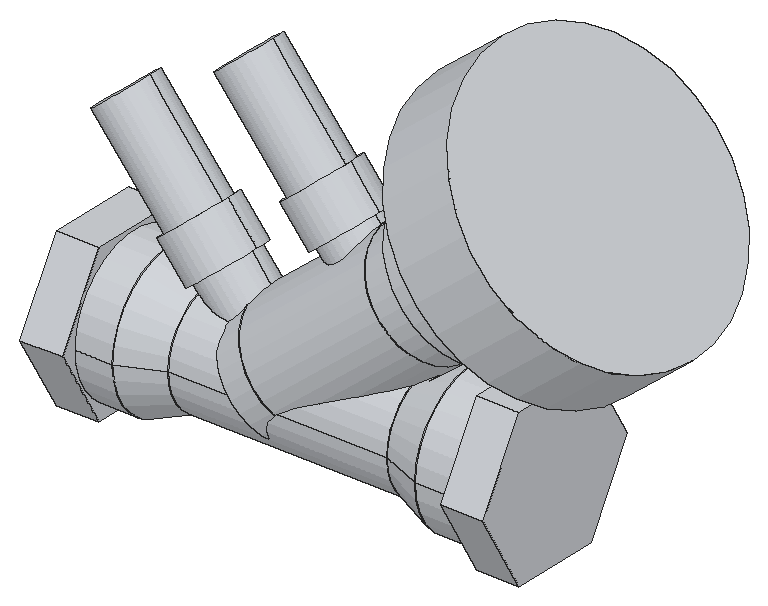
Revit family "D9505-DN25-RFA_2019", category Pipe Accessories, Revit 2019
Family settings
  Round Connector Dimension = Use Diameter
  Part Type = Valve - Breaks Into
  Work Plane-Based = No
  Always vertical = Yes
  Cut with Voids When Loaded = No
  Shared = No
Parameters (values of type "D9505 DN25")
  magiProductId = "a5bafb2d780d49b5957b650150642c"
  magiProductFamilyId = "283409d322044e8dba8a30d68fed8b"
  magiPartTypeId = 304
  isMeasuringValve [instance] = no
  ang2D [instance] = 0.00°
  W2D = 10 mm
  VersionID = "2.0/2017.10.31.1/VIR_9505_001"
  Use Minimum Symbol Size [instance] = yes
  URL = "http://www.hydronic.cz"
  Type Comments = "závitový; PN25 (-10~+100°C) nebo PN20 (-10~+130°C)"
  RN2 = 18.15 mm
  RN = 21.45 mm
  R7 = 9 mm
  R6 = 7.5 mm
  R5 = 20 mm
  R4 = 15.125 mm
  R3 = 15.125 mm
  R2 = 17.875 mm
  R1 = 13.75 mm
  QmdConnectorList = "301;D;302;D"
  Productdata [instance] = ""
  NUT1 = no
  Manufacturer = "Hydronic Systems Prague s.r.o."
  MC Product Code = "9505 025 (DN25; PN25 kvs6,4)"
  MC Piping Given Pressure Drop [instance] = 0.0 Pa
  L_2 = 55 mm
  L7 = 36 mm
  L6 = 2 mm
  L4 = 14.3 mm
  L3 = 10 mm
  L2__ve = -L2  # -9 mm
  L2D_Min = 3048 mm
  L2D = 77 mm
  L2 = 9 mm
  L1__ve = -L1  # -10 mm
  L1 = 10 mm
  HWR = 35 mm
  H8 = 27 mm
  H7 = 10.8 mm
  H6 = 22.125 mm
  H5 = 17.125 mm
  H4 = 20 mm
  H3 = 12.304 mm
  H2 = 39 mm
  H1 = 7 mm
  Description = "Ruční vyvažovací ventil závitový; bronzový; DN25; kvs6,4"
  D = 25 mm
  CenSd_RN_6 = RN * cos(30.00°)  # 18.576 mm
  CenSd_RN2_6 = RN2 * cos(30.00°)  # 15.718 mm
  CAT0 = yes
Types (7, lengths in mm): name | magiProductId | RN2 | RN | R4 | R3 | R2 | R1 | MC Product Code | L_2 | L4 | L2__ve | L2 | L1__ve | L1 | H8 | H7 | H6 | H5 | H3 | H2 | H1 | Description | D | CenSd_RN_6 | CenSd_RN2_6
  D9505 DN10 | "f06221e9bc9341508f66871c80ccb9" | 13.2 | 15.6 | 11 | 11 | 13 | 10 | "9505 010 (DN10; PN25 kvs0,97)" | 38.5 | 10.01 | -8 | 8 | -7 | 7 | 27.3 | 10.92 | 18 | 13 | 13.859 | 42 | 4 | "Ruční vyvažovací ventil závitový; bronzový; DN10; kvs0,97" | 10 | 13.51 | 11.432
  D9505 DN15 | "7168eb0cb4024df38c6d32127ca87d" | 14.85 | 17.55 | 12.375 | 12.375 | 14.625 | 11.25 | "9505 015 (DN15; PN25 kvs2,67)" | 45 | 11.7 | -8 | 8 | -8 | 8 | 27 | 10.8 | 19.375 | 14.375 | 12.304 | 41 | 5 | "Ruční vyvažovací ventil závitový; bronzový; DN15; kvs2,67" | 15 | 15.199 | 12.86
  D9505 DN20 | "82f2a7b1fa884f8cafe37fee21fa09" | 16.5 | 19.5 | 13.75 | 13.75 | 16.25 | 12.5 | "9505 020 (DN20; PN25 kvs4,1)" | 51 | 13.26 | -8 | 8 | -9 | 9 | 27 | 10.8 | 20.75 | 15.75 | 12.304 | 40 | 6 | "Ruční vyvažovací ventil závitový; bronzový; DN20; kvs4,1" | 20 | 16.887 | 14.289
  D9505 DN25 | "a5bafb2d780d49b5957b650150642c" | 18.15 | 21.45 | 15.125 | 15.125 | 17.875 | 13.75 | "9505 025 (DN25; PN25 kvs6,4)" | 55 | 14.3 | -9 | 9 | -10 | 10 | 27 | 10.8 | 22.125 | 17.125 | 12.304 | 39 | 7 | "Ruční vyvažovací ventil závitový; bronzový; DN25; kvs6,4" | 25 | 18.576 | 15.718
  D9505 DN32 | "a42dead6f7694bcf97a0a9ce0e311e" | 20.46 | 24.18 | 17 | 17.05 | 20.15 | 15.5 | "9505 032 (DN32; PN25 kvs12,0)" | 60.5 | 15.73 | -9.5 | 9.5 | -11.4 | 11.4 | 34.8 | 13.92 | 24.05 | 19.05 | 52.753 | 38 | 8 | "Ruční vyvažovací ventil závitový; bronzový; DN32; kvs12,0" | 32 | 20.94 | 17.719
  D9505 DN40 | "7d52969a8dcd46c581304e64bff261" | 23.1 | 27.3 | 17 | 19.25 | 22.75 | 17.5 | "9505 040 (DN40; PN25 kvs19,5)" | 71 | 18.46 | -10 | 10 | -13 | 13 | 34.8 | 13.92 | 26.25 | 21.25 | 52.753 | 36 | 10 | "Ruční vyvažovací ventil závitový; bronzový; DN40; kvs19,5" | 40 | 23.642 | 20.005
  D9505 DN50 | "2fc06cc644084f6992b3d357430981" | 26.4 | 31.2 | 17 | 22 | 26 | 20 | "9505 050 (DN50; PN25 kvs29,8)" | 80.5 | 20.93 | -11 | 11 | -15 | 15 | 34.8 | 13.92 | 29 | 24 | 52.753 | 34 | 12 | "Ruční vyvažovací ventil závitový; bronzový; DN50; kvs29,8" | 50 | 27.02 | 22.863
Reference planes
  plane 1 "Center (Front/Back)": y = 0
  plane 2 "XYPLANE": z = 0
  plane 3 "Center (Left/Right)": x = 0
  plane 4 "312": through (-486.738, 0, 579.033) normal (0.766, 0, 0.6428)
  plane 5 "176": through (-602.493, 0, -460.699) normal (-0.6428, 0, 0.766)
  plane 6 "173": through (-598.765, 0, -465.142) normal (-0.6428, 0, 0.766)
  plane 7 "163": x = -14.3
  plane 8 "158": x = 26
  plane 9 "157": x = 36
  plane 10 "154": x = -26
  plane 11 "83": through (-605.707, 0, -456.869) normal (-0.6428, 0, 0.766)
  plane 12 "76": through (-464.523, 0, 597.674) normal (0.766, 0, 0.6428)
  plane 13 "73": through (-595.551, 0, -468.972) normal (-0.6428, 0, 0.766)
  plane 14 "70": through (-584.543, 0, -482.091) normal (-0.6428, 0, 0.766)
  plane 15 "69": y = 0
  plane 16 "68": through (-490.569, 0, 575.819) normal (0.766, 0, 0.6428)
  plane 17 "60": through (-432.117, 0, 624.866) normal (0.766, 0, 0.6428)
  plane 18 "57": through (-447.437, 0, 612.01) normal (0.766, 0, 0.6428)
  plane 19 "54": through (-456.863, 0, 604.102) normal (0.766, 0, 0.6428)
  plane 20 "32": through (-492.101, 0, 574.533) normal (0.766, 0, 0.6428)
  plane 21 "31": y = 0
  plane 22 "30": through (564.523, 0, 482.091) normal (0.6428, 0, -0.766)
  plane 23 "21": x = -36
  plane 24 "20": x = 45
  plane 25 "19": x = -45
  plane 26 "13": x = 0
  plane 27 "11": x = 55
  plane 28 "10": x = -55
  plane 29 "9": y = 0
  plane 30 "8": z = 0
  plane 31 "65XY": through (-584.543, 0, -482.091) normal (-0.6428, 0, 0.766)
  plane 32 "65XZ": y = 0
  plane 33 "65YZ": through (-492.101, 0, 574.533) normal (0.766, 0, 0.6428)
  plane 34 "27XY": through (-492.101, 0, 574.533) normal (0.766, 0, 0.6428)
  plane 35 "27XZ": y = 0
  plane 36 "27YZ": through (564.523, 0, 482.091) normal (0.6428, 0, -0.766)
Forms (mm)
  Extrusion 1, solid, visible <- "CAT0"
    sketch origin (-492.101, 0, 574.533) x (0.642788, 0, -0.766044) y (0, 1, 0)
      loop
        circle (750, 0) r 15.125
    from 0 to 7 <- "H1"
  Extrusion 2, solid
    sketch origin (-602.493, 0, -460.699) x (0.766044, 0, 0.642788) y (0, 1, 0)
      loop
        circle (786, 0) r 7.5
    from 0 to 27 <- "H8"
  Extrusion 3, solid
    sketch origin (-595.551, 0, -468.972) x (0.766044, 0, 0.642788) y (0, 1, 0)
      loop
        circle (786, 0) r 9
    from 0 to 10.8 <- "H7"
  Extrusion 4, solid
    sketch origin (-456.863, 0, 604.102) x (0.642788, 0, -0.766044) y (0, 1, 0)
      loop
        circle (750, 0) r 15.125
    from 0 to 12.304 <- "H3"
  Extrusion 5, solid, visible <- "NUT1"
    sketch origin (-456.863, 0, 604.102) x (0.642788, 0, -0.766044) y (0, 1, 0)
      loop
        line (750, 18.15) -> (734.282, 9.075) -> (734.282, -9.075) -> (750, -18.15) -> (765.718, -9.075) -> (765.718, 9.075) -> (750, 18.15)
    from 0 to 10 <- "L1"
  Blend 6, solid, visible <- "CAT0"
    base sketch origin (-26, -750, 0) x (0, 1, 0) y (0, 0, 1)
      loop
        circle (750, 0) r 13.75
    top sketch origin (-26, -750, 0) x (0, 1, 0) y (0, 0, 1)
      loop
        circle (750, 0) r 13.75
    from 0 to 52
  Blend 7, solid
    base sketch origin (36, -750, 0) x (0, 1, 0) y (0, 0, 1)
      loop
        circle (750, 0) r 17.875
    top sketch origin (36, -750, 0) x (0, 1, 0) y (0, 0, 1)
      loop
        circle (750, 0) r 13.75
    from 0 to -10
  Blend 8, solid
    base sketch origin (-36, -750, 0) x (0, 1, 0) y (0, 0, 1)
      loop
        circle (750, 0) r 17.875
    top sketch origin (-36, -750, 0) x (0, 1, 0) y (0, 0, 1)
      loop
        circle (750, 0) r 13.75
    from 0 to 10
  Extrusion 9, solid
    sketch origin (-584.543, 0, -482.091) x (0.766044, 0, 0.642788) y (0, 1, 0)
      loop
        circle (752, 0) r 7.5
    from 0 to 22.125 <- "H6"
  Extrusion 10, solid
    sketch origin (-605.707, 0, -456.869) x (0.766044, 0, 0.642788) y (0, 1, 0)
      loop
        circle (752, 0) r 7.5
    from 0 to 27 <- "H8"
  Extrusion 11, solid
    sketch origin (-584.543, 0, -482.091) x (0.766044, 0, 0.642788) y (0, 1, 0)
      loop
        circle (786, 0) r 7.5
    from 0 to 17.125 <- "H5"
  Extrusion 12, solid
    sketch origin (-598.765, 0, -465.142) x (0.766044, 0, 0.642788) y (0, 1, 0)
      loop
        circle (752, 0) r 9
    from 0 to 10.8 <- "H7"
  Extrusion 13, solid, visible <- "CAT0"
    sketch origin (-432.117, 0, 624.866) x (0.642788, 0, -0.766044) y (0, 1, 0)
      loop
        circle (750, 0) r 35
    from 0 to 20 <- "H4"
  Extrusion 14, solid
    sketch origin (-447.437, 0, 612.01) x (0.642788, 0, -0.766044) y (0, 1, 0)
      loop
        circle (750, 0) r 20
    from 0 to 20 <- "H4"
  Extrusion 15, solid
    sketch origin (-486.738, 0, 579.033) x (0.642788, 0, -0.766044) y (0, 1, 0)
      loop
        circle (750, 0) r 15.125
    from 0 to 39 <- "H2"
  Extrusion 16, solid
    sketch origin (45, -750, 0) x (0, 1, 0) y (0, 0, 1)
      loop
        circle (750, 0) r 17.875
    from 0 to -9 <- "L2__ve"
  Extrusion 17, solid
    sketch origin (-45, -750, 0) x (0, 1, 0) y (0, 0, 1)
      loop
        circle (750, 0) r 17.875
    from 0 to 9 <- "L2"
  Extrusion 18, solid
    sketch origin (55, -750, 0) x (0, 1, 0) y (0, 0, 1)
      loop
        line (728.55, 0) -> (739.275, -18.576) -> (760.725, -18.576) -> (771.45, 0) -> (760.725, 18.576) -> (739.275, 18.576) -> (728.55, 0)
    from 0 to -10 <- "L1__ve"
  Extrusion 19, solid
    sketch origin (-55, -750, 0) x (0, 1, 0) y (0, 0, 1)
      loop
        line (771.45, 0) -> (760.725, 18.576) -> (739.275, 18.576) -> (728.55, 0) -> (739.275, -18.576) -> (760.725, -18.576) -> (771.45, 0)
    from 0 to 10 <- "L1"
  Extrusion 20, solid, not visible
    sketch origin (55, -750, 0) x (0, 1, 0) y (0, 0, 1)
      loop
        circle (750, 0) r 10
    from 0 to -10
  Extrusion 21, solid, not visible
    sketch origin (-55, -750, 0) x (0, 1, 0) y (0, 0, 1)
      loop
        circle (750, 0) r 10
    from 0 to 10
Lines and regions (mm)
  reference lines, not visible
    curve 1: circle (2, 2, 0) r 1 normal (0, 0, 1)
  reference lines
    curve 2: line (25.228, 0, 29.568) -> (28.902, -3.3, 25.19)
    curve 3: line (25.228, 0, 29.568) -> (25.228, -6.6, 29.568)
    curve 4: line (25.228, 0, 29.568) -> (21.554, -3.3, 33.947)
    curve 5: line (55, 0, 0) -> (55, 3.9, -6.755)
    curve 6: line (55, 0, 0) -> (55, 7.8, 0)
    curve 7: line (55, 0, 0) -> (55, 3.9, 6.755)
    curve 8: line (-55, 0, 0) -> (-55, -3.9, -6.755)
    curve 9: line (-55, 0, 0) -> (-55, -7.8, 0)
    curve 10: line (-55, 0, 0) -> (-55, -3.9, 6.755)
Dimensions and locks
  plane 1 "Center (Front/Back)" to curve 1 = 2 mm
  "H1": plane 20 "32" to plane 4 "312"
  "H7": plane 13 "73" to plane 5 "176"
  "H6": plane 14 "70" to plane 6 "173"
  "L4": plane 26 "13" to plane 7 "163"
  "L3": plane 9 "157" to plane 8 "158"
  "L2": plane 24 "20" to plane 9 "157"
  "L3": plane 23 "21" to plane 10 "154"
  "H7": plane 6 "173" to plane 11 "83"
  "L7": plane 33 "65YZ" to plane 12 "76"
  "H5": plane 14 "70" to plane 13 "73"
  locked: plane 31 "65XY" to plane 14 "70" at 0
  locked: plane 29 "9" to plane 15 "69"
  "L6": plane 33 "65YZ" to plane 16 "68"
  "H4": plane 18 "57" to plane 17 "60"
  "H3": plane 19 "54" to plane 18 "57"
  "H2": plane 4 "312" to plane 19 "54"
  locked: plane 34 "27XY" to plane 20 "32" at 0
  locked: plane 29 "9" to plane 21 "31"
  locked: plane 36 "27YZ" to plane 22 "30"
  "L2": plane 25 "19" to plane 23 "21"
  "L1": plane 27 "11" to plane 24 "20"
  "L1": plane 28 "10" to plane 25 "19"
  locked: plane 3 "Center (Left/Right)" to plane 26 "13"
  "L_2": plane 3 "Center (Left/Right)" to plane 27 "11"
  "L_2": plane 3 "Center (Left/Right)" to plane 28 "10"
  locked: plane 1 "Center (Front/Back)" to plane 29 "9"
  locked: plane 2 "XYPLANE" to plane 30 "8"
  "CenSd_RN2_6": curve 2 to Extrusion 5 sketch curve  (x2)
  "CenSd_RN2_6": curve 3 to Extrusion 5 sketch curve  (x2)
  "CenSd_RN2_6": curve 4 to Extrusion 5 sketch curve  (x2)
  Extrusion 5 sketch curve to Extrusion 5 sketch curve = 0 mm  (x12)
  "CenSd_RN_6": curve 5 to Extrusion 18 sketch curve  (x2)
  "CenSd_RN_6": curve 6 to Extrusion 18 sketch curve  (x2)
  "CenSd_RN_6": curve 7 to Extrusion 18 sketch curve  (x2)
  Extrusion 18 sketch curve to Extrusion 18 sketch curve = 0 mm  (x12)
  "CenSd_RN_6": curve 8 to Extrusion 19 sketch curve  (x2)
  "CenSd_RN_6": curve 9 to Extrusion 19 sketch curve  (x2)
  "CenSd_RN_6": curve 10 to Extrusion 19 sketch curve  (x2)
  Extrusion 19 sketch curve to Extrusion 19 sketch curve = 0 mm  (x12)
  "R3": radius of Extrusion 1 sketch curve
  "R6": radius of Extrusion 2 sketch curve
  "R7": radius of Extrusion 3 sketch curve
  "R4": radius of Extrusion 4 sketch curve
  "R1": radius of Blend 6 sketch curve  (x2)
  "R1": radius of Blend 7 sketch curve
  "R2": radius of Blend 7 sketch curve
  "R1": radius of Blend 8 sketch curve
  "R2": radius of Blend 8 sketch curve
  "R6": radius of Extrusion 9 sketch curve
  "R6": radius of Extrusion 10 sketch curve
  "R6": radius of Extrusion 11 sketch curve
  "R7": radius of Extrusion 12 sketch curve
  "HWR": radius of Extrusion 13 sketch curve
  "R5": radius of Extrusion 14 sketch curve
  "R3": radius of Extrusion 15 sketch curve
  "R2": radius of Extrusion 16 sketch curve
  "R2": radius of Extrusion 17 sketch curve
  locked: curve 3 to curve 2 (angle 60.00°)
  locked: curve 4 to curve 3 (angle 60.00°)
  locked: curve 4 to curve 2 (angle 120.00°)
  locked: curve 6 to curve 5 (angle 60.00°)
  locked: curve 7 to curve 6 (angle 60.00°)
  locked: curve 7 to curve 5 (angle 120.00°)
  locked: curve 9 to curve 8 (angle 60.00°)
  locked: curve 10 to curve 9 (angle 60.00°)
  locked: curve 10 to curve 8 (angle 120.00°)
  aligned and locked: level to plane 2 "XYPLANE"
  aligned and locked: plane 21 "31" to Extrusion 1 sketch curve
  aligned and locked: Extrusion 1 sketch curve to plane 22 "30"
  aligned and locked: Extrusion 2 sketch curve to plane 12 "76"
  aligned and locked: plane 15 "69" to Extrusion 2 sketch curve
  aligned and locked: Extrusion 3 sketch curve to plane 12 "76"
  aligned and locked: plane 15 "69" to Extrusion 3 sketch curve
  aligned and locked: plane 21 "31" to Extrusion 4 sketch curve
  aligned and locked: Extrusion 4 sketch curve to plane 22 "30"
  aligned and locked: curve 2 to plane 22 "30"
  aligned and locked: plane 21 "31" to curve 3
  aligned and locked: Blend 6 sketch curve to plane 29 "9"  (x2)
  aligned and locked: plane 30 "8" to Blend 6 sketch curve  (x2)
  aligned and locked: plane 8 "158" to Blend 6
  aligned and locked: Blend 7 sketch curve to plane 29 "9"  (x2)
  aligned and locked: plane 30 "8" to Blend 7 sketch curve  (x2)
  aligned and locked: Blend 7 to plane 8 "158"
  aligned and locked: Blend 8 sketch curve to plane 29 "9"  (x2)
  aligned and locked: plane 30 "8" to Blend 8 sketch curve  (x2)
  aligned and locked: plane 10 "154" to Blend 8
  aligned and locked: plane 15 "69" to Extrusion 9 sketch curve
  aligned and locked: Extrusion 9 sketch curve to plane 16 "68"
  aligned and locked: plane 15 "69" to Extrusion 10 sketch curve
  aligned and locked: Extrusion 10 sketch curve to plane 16 "68"
  aligned and locked: Extrusion 11 sketch curve to plane 12 "76"
  aligned and locked: plane 15 "69" to Extrusion 11 sketch curve
  aligned and locked: plane 15 "69" to Extrusion 12 sketch curve
  aligned and locked: Extrusion 12 sketch curve to plane 16 "68"
  aligned and locked: plane 21 "31" to Extrusion 13 sketch curve
  aligned and locked: Extrusion 13 sketch curve to plane 22 "30"
  aligned and locked: plane 21 "31" to Extrusion 14 sketch curve
  aligned and locked: Extrusion 14 sketch curve to plane 22 "30"
  aligned and locked: plane 21 "31" to Extrusion 15 sketch curve
  aligned and locked: Extrusion 15 sketch curve to plane 22 "30"
  aligned and locked: Extrusion 16 sketch curve to plane 29 "9"
  aligned and locked: plane 30 "8" to Extrusion 16 sketch curve
  aligned and locked: Extrusion 17 sketch curve to plane 29 "9"
  aligned and locked: plane 30 "8" to Extrusion 17 sketch curve
  aligned and locked: curve 7 to plane 29 "9"
  aligned and locked: plane 30 "8" to curve 7
  aligned and locked: curve 10 to plane 29 "9"
  aligned and locked: plane 30 "8" to curve 10
  aligned and locked: Extrusion 20 sketch curve to plane 29 "9"
  aligned and locked: plane 30 "8" to Extrusion 20 sketch curve
  aligned and locked: Extrusion 21 sketch curve to plane 29 "9"
  aligned and locked: plane 30 "8" to Extrusion 21 sketch curve
Automatic sketch dimensions
  plane 1 "Center (Front/Back)" to Extrusion 20 sketch curve = 10 mm
  plane 1 "Center (Front/Back)" to Extrusion 21 sketch curve = 10 mm
  plane 3 "Center (Left/Right)" to curve 1 = 2 mm
  radius of curve 1 = 1 mm
Connectors
  piping at (-55, 0, 0), diameter 25, driven by "D"
    settings: on Extrusion 21, index 1, connector inside diameter 609.6 mm, connector length 0 mm, flow factor 0, pipe flow 0.0 L/s, pressure drop 0.0 Pa, fitting loss kfactor 0, connector angle 0.00°, fixture units 0, engagement length 0 mm, angle of deflection 0.00°, flow configuration 0, flow direction 0, fitting loss method 0, system type 29, joint type 0, gender type 0, connector reference index 2, connector utility 0, adjustable connector no, is connector primary yes, connector description ""
  piping at (55, 0, 0), diameter 25, driven by "D"
    settings: on Extrusion 20, index 2, connector inside diameter 609.6 mm, connector length 0 mm, flow factor 0, pipe flow 0.0 L/s, pressure drop 0.0 Pa, fitting loss kfactor 0, connector angle 0.00°, fixture units 0, engagement length 0 mm, angle of deflection 0.00°, flow configuration 0, flow direction 0, fitting loss method 0, system type 29, joint type 0, gender type 0, connector reference index 1, connector utility 0, adjustable connector no, is connector primary no, connector description ""
